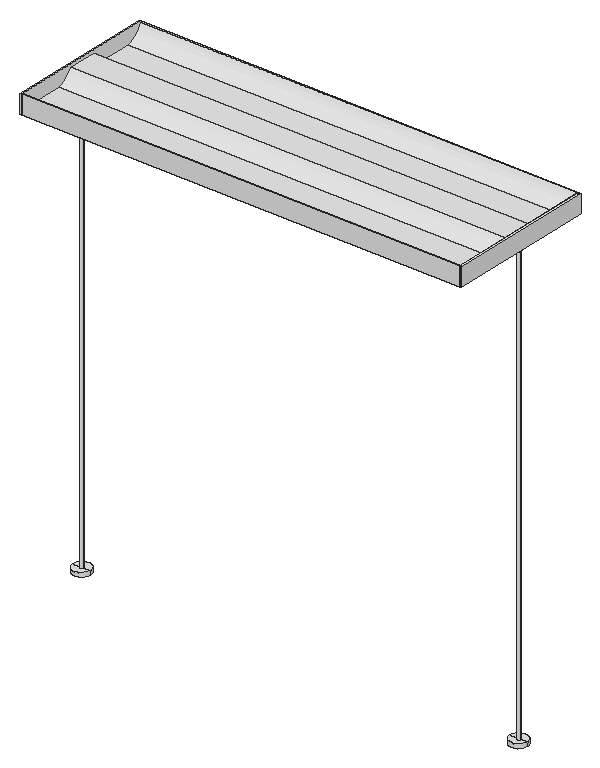
Revit family "LLHV", category Lighting Fixtures, host Face, Revit 2012
Parameters (values of type "LLHV4-50H-NST-EDU")
  Wattage = 236 W
  built-in parameter 1150110 = 1 (stored number, unit not read)
  Voltage = 120 V
  Uplight = "Solid Top"
  built-in parameter 1114217 = 1 (stored number, unit not read)
  Tilt Angle = -90.00°
  built-in parameter 1150109 = 1 (stored number, unit not read)
  built-in parameter 1150134 = 2
  built-in parameter 1150113 = 1 (stored number, unit not read)
  Reflector = "Narrow Distribution"
  Photometric Web File = "LLHV4-50H-NST-EDU.ies"
  Pendant Height [instance] = 1219.2 mm
  Pendant Gap [instance] = Length - 12.7 mm  # 1206.5 mm
  Nominal Watts = 236 W
  built-in parameter 1150105 = 2789.7 (stored number, unit not read)
  Lumens = 35055.9 lm
  built-in parameter 1150115 = 1 (stored number, unit not read)
  Lumen Output = "High Lumen"
  built-in parameter 1150137 = (empty or 0)
  built-in parameter 1150139 = (empty or 0)
  Length = 1219.2 mm
  Wattage Comments = ""
  URL = "http://www.columbialighting.com/"
  Product Page URL = "http://www.columbialighting.com/products/llhv"
  Product Documentation Link = "http://www.columbialighting.com/content/products/specs/specs_files/llhv.pdf"
  Model = "LLHV"  # constant formula
  Manufacturer Phone = "864-678-1000"  # constant formula
  Manufacturer Fax = "(866)-898-1065"  # constant formula
  Manufacturer = "Columbia Lighting"  # constant formula
  built-in parameter 1150112 = 1 (stored number, unit not read)
  built-in parameter 1150114 = 1 (stored number, unit not read)
  Lamp = "LED"
  built-in parameter 1150132 = (empty or 0)
  built-in parameter 1150102 = (empty or 0)
  built-in parameter 1150107 = 5000 (stored number, unit not read)
  built-in parameter 1150138 = (empty or 0)
  built-in parameter 1150106 = 27.897 (stored number, unit not read)
  Glass = White Glass
  Emit from Line Length = 304.8 mm
  built-in parameter 1150104 = 13.8 (stored number, unit not read)
  Driver = "0-10V Dimming"
  Dimming Lamp Color Temperature Shift = <None>
  Description = "VersaBay® LED combines powerful, high light output LED technology with remarkable energy savings for a quick return on investment."  # constant formula
  Default Elevation = 1219.2 mm
  Color Filter = 16777215
  built-in parameter 1114218 = 1 (stored number, unit not read)
  Backbox = White
  built-in parameter 1150133 = 10 (stored number, unit not read)
  Apparent Load = 0 VA
Types (3, lengths in mm): name | Reflector | Photometric Web File | Pendant Height
  (no name) | "Narrow Distribution" | "LLHV4-50H-NST-EDU.ies" | 1219.2
  LLHV4-50H-NST-EDU | "Narrow Distribution" | "LLHV4-50H-NST-EDU.ies" | 1219.2
  LLHV4-50H-WST-EDU | "Wide Distribution" | "LLHV4-50H-WST-EDU.ies" | 914.4
Reference planes
  plane 1 "Center (Front/Back)": y = 330.541
  plane 2: z = 0
  plane 3 "Center (Left/Right)": x = 0
  plane 4: z = 1219.2
  plane 5: x = -609.6
  plane 6: x = 609.6
  plane 7: x = -603.25
  plane 8: x = 603.25
Forms (mm)
  Revolve 1, solid, material "White" <- "Backbox"
    sketch origin (-146.05, 330.541, 0) x (-1, 0, 0) y (0, 0, 1)
      loop
        line (-749.3, 1219.2) -> (-749.3, 0) -> (-725.253, 0) -> (-725.253, 10.839) -> (-744.303, 10.839) -> (-744.303, 1217.967) -> (-742.95, 1217.967) -> (-742.95, 1219.2) -> (-749.3, 1219.2)
      axis (-749.3, 1219.2) -> (-749.3, 0)
    angle from 0 to 360
  Revolve 2, solid, material "White" <- "Backbox"
    sketch origin (406.4, 330.541, 0) x (1, 0, 0) y (0, 0, 1)
      loop
        line (-1009.65, 1219.2) -> (-1009.65, 0) -> (-985.603, 0) -> (-985.603, 10.839) -> (-1004.653, 10.839) -> (-1004.653, 1217.967) -> (-1003.3, 1217.967) -> (-1003.3, 1219.2) -> (-1009.65, 1219.2)
      axis (-1009.65, 1219.2) -> (-1009.65, 0)
    angle from 0 to 360
Dimensions and locks
  "Pendant Height": plane 4 to level
  equal spacing: plane 6, plane 3 "Center (Left/Right)", plane 5
  "Length": plane 6 to plane 5
  locked: Revolve 1 sketch curve to Revolve 1 sketch curve at 1.233
  locked: Revolve 1 sketch curve to Revolve 1 sketch curve at 10.839
  locked: Revolve 1 sketch curve to Revolve 1 sketch curve at 19.05
  locked: Revolve 1 sketch curve to Revolve 1 sketch curve at 1.353
  locked: Revolve 1 sketch curve to Revolve 1 sketch curve at 4.997
  locked: Revolve 2 sketch curve to Revolve 2 sketch curve at 1.233
  locked: Revolve 2 sketch curve to Revolve 2 sketch curve at 10.839
  locked: Revolve 2 sketch curve to Revolve 2 sketch curve at 19.05
  locked: Revolve 2 sketch curve to Revolve 2 sketch curve at 1.353
  locked: Revolve 2 sketch curve to Revolve 2 sketch curve at 4.997
  equal spacing: plane 8, plane 3 "Center (Left/Right)", plane 7
  "Pendant Gap": plane 8 to plane 7
  locked: imposter light to plane 4 at 50
  aligned and locked: plane 2 to host face
  aligned and locked: level to host face
  aligned and locked: Revolve 1 sketch curve to Revolve 1 sketch curve
  aligned and locked: Revolve 2 sketch curve to Revolve 2 sketch curve
  aligned and locked: Revolve 2 sketch curve to plane 7
  aligned and locked: Revolve 1 sketch curve to plane 8
  aligned and locked: Revolve 2 sketch curve to plane 4
  aligned and locked: level to Revolve 2 sketch curve
  aligned and locked: plane 4 to Revolve 1 sketch curve
  aligned and locked: Revolve 1 sketch curve to level
  aligned and locked: imposter light to plane 1 "Center (Front/Back)"
  aligned and locked: plane 3 "Center (Left/Right)" to nested 1
  aligned and locked: nested 1 to plane 5
  aligned and locked: plane 6 to nested 1
  aligned and locked: plane 1 "Center (Front/Back)" to nested 1
Automatic sketch dimensions
  host sketch curve to host sketch curve = 2438.4 mm  (x2)
  Revolve 1 sketch curve to Revolve 1 sketch curve = 69.709 mm
  Revolve 1 sketch curve to Revolve 1 sketch curve = 268.702 mm
  Revolve 2 sketch curve to Revolve 2 sketch curve = 229.459 mm
  Revolve 2 sketch curve to Revolve 2 sketch curve = 293.102 mm
Nested families
  nested 1: "LLHV VersaBay" at (-0.28, 329.525, 1219.2), Glass <- "Glass", Backbox <- "Backbox", Length <- "Length", type "LLHV VersaBay"
    with Length 1219.2 mm, Glass White Glass, Backbox White
Definition of nested family "LLHV VersaBay"
  Parameters (values of type "LLHV VersaBay")
    Wattage Comments = "235W"
    URL = "http://www.columbialighting.com/"
    Product Page URL = "http://www.columbialighting.com/products/lhv"
    Product Documentation Link = "http://www.columbialighting.com/content/products/specs/specs_files/lhv4_4.pdf"
    Model = "LLHV"  # constant formula
    Manufacturer Phone = "864-678-1000"  # constant formula
    Manufacturer Fax = "866-898-1065"  # constant formula
    Manufacturer = "Columbia Lighting"  # constant formula
    Length [instance] = 1219.2 mm
    Lamp = "LED"
    Glass [instance] = Glass
    Description = "VersaBay® luminaires are the new industry standard for fluorescent high bay lighting with Advanced Thermal Management, serviceability, and performance that is unrivaled in the marketplace."  # constant formula
    Default Elevation = 1219.2 mm
    Backbox [instance] = White
    Apparent Load = 0 VA
  Reference planes
    plane 1 "Center (Front/Back)": y = 1.016
    plane 2: z = 0
    plane 3 "Center (Left/Right)": x = 0.28
    plane 4: y = 206.597
    plane 5: y = -204.565
    plane 6: z = 50.8
    plane 7: z = 44.45
    plane 8: x = -609.32
    plane 9: x = 609.88
    plane 10: x = -604.24
    plane 11: x = 604.8
  Forms (mm)
    Extrusion 1, solid
      sketch origin (0, 0, 1.615) x (1, 0, 0) y (0, 1, 0)
        loop
          line (-1219.2, 1219.2) -> (-1219.2, -1219.2) -> (1219.2, -1219.2) -> (1219.2, 1219.2) -> (-1219.2, 1219.2)
      from -1.615 to -325.401
    Extrusion 2, solid, material "White" <- "Backbox"
      sketch origin (604.8, -4572, 748.526) x (0, 0, 1) y (0, -1, 0)
        loop
          line (-748.526, -4367.435) -> (-748.526, -4778.597) -> (-697.726, -4778.597) -> (-697.726, -4367.435) -> (-748.526, -4367.435)
      from 0 to 5.08
    Extrusion 3, solid, material "White" <- "Backbox"
      sketch origin (-604.24, -4572, 732.824) x (0, 0, 1) y (0, -1, 0)
        loop
          line (-732.824, -4367.435) -> (-732.824, -4778.597) -> (-682.024, -4778.597) -> (-682.024, -4367.435) -> (-732.824, -4367.435)
      from 0 to -5.08
    Extrusion 4, solid, material "Glass" <- "Glass"
      sketch origin (-604.24, 206.597, 50.8) x (0, -1, 0) y (1, 0, 0)
        loop
          line (2.361, 0) -> (408.801, 0) -> (408.801, 1209.04) -> (2.361, 1209.04) -> (2.361, 0)
      from 0 to -6.35
    Extrusion 5, solid, material "White" <- "Backbox"
      sketch origin (0.28, 0, 0) x (0, 1, 0) y (0, 0, 1)
        loop
          line (-204.565, 0) -> (206.597, 0) -> (206.597, 50.8) -> (204.236, 50.8)
          arc (204.236, 50.8) -> (186.859, 26.959) -> (160.925, 12.896) r 66.976
          line (160.925, 12.896) -> (79.274, 12.896)
          arc (79.274, 12.896) -> (57.103, 25.434) -> (40.157, 44.45) r 77.948
          line (40.157, 44.45) -> (-38.126, 44.45)
          arc (-38.126, 44.45) -> (-55.071, 25.434) -> (-77.243, 12.896) r 77.948
          line (-77.243, 12.896) -> (-158.894, 12.896)
          arc (-158.894, 12.896) -> (-184.828, 26.959) -> (-202.204, 50.8) r 66.976
          line (-202.204, 50.8) -> (-204.565, 50.8) -> (-204.565, 0)
      from -604.52 to 604.52
  Cuts and joins
    joined: Extrusion 2, Extrusion 3
  Dimensions and locks
    locked: plane 4 to plane 1 "Center (Front/Back)" at 205.581
    locked: plane 5 to plane 1 "Center (Front/Back)" at 205.581
    locked: plane 6 to Extrusion 1 at 50.8
    plane 4 to plane 5 = 411.162 mm
    locked: plane 6 to plane 7 at 6.35
    "Length": plane 9 to plane 8
    locked: plane 10 to plane 8 at 5.08
    locked: plane 9 to plane 11 at 5.08
    equal spacing: plane 9, plane 3 "Center (Left/Right)", plane 8
    aligned and locked: plane 2 to Extrusion 1
    aligned and locked: Extrusion 3 to level
    aligned and locked: Extrusion 2 to level
    aligned and locked: plane 5 to Extrusion 3
    aligned and locked: plane 4 to Extrusion 3
    aligned and locked: plane 9 to cut or joined group of Extrusion 2, Extrusion 3
    aligned and locked: cut or joined group of Extrusion 2, Extrusion 3 to plane 8
    aligned and locked: Extrusion 5 to plane 10
    aligned and locked: plane 11 to Extrusion 5
    aligned and locked: Extrusion 2 sketch curve to plane 6
    aligned and locked: Extrusion 3 sketch curve to plane 6
  Automatic sketch dimensions
    Extrusion 1 sketch curve to Extrusion 1 sketch curve = 2438.4 mm  (x2)
    level to Extrusion 2 sketch curve = 0 mm
    Extrusion 2 sketch curve to plane 5 = 0 mm
    Extrusion 2 sketch curve to plane 4 = 0 mm
    Extrusion 5 sketch curve to plane 5 = 0 mm
    Extrusion 5 sketch curve to plane 4 = 0 mm
    Extrusion 5 sketch curve to Extrusion 5 sketch curve = 2.361 mm
    Extrusion 5 sketch curve to Extrusion 5 sketch curve = 36.709 mm  (x2)
    plane 1 "Center (Front/Back)" to Extrusion 5 sketch curve = 39.142 mm
    Extrusion 5 sketch curve to plane 1 "Center (Front/Back)" = 39.142 mm
    Extrusion 5 sketch curve to Extrusion 5 sketch curve = 39.117 mm
    Extrusion 5 sketch curve to plane 4 = 2.361 mm
    Extrusion 5 sketch curve to Extrusion 5 sketch curve = 12.896 mm  (x2)
    Extrusion 5 sketch curve to Extrusion 5 sketch curve = 50.8 mm  (x2)
    Extrusion 3 sketch curve to level = 0 mm
    Extrusion 3 sketch curve to plane 5 = 0 mm
    Extrusion 3 sketch curve to plane 4 = 0 mm
    Extrusion 4 sketch curve to plane 10 = 0 mm
    Extrusion 4 sketch curve to plane 4 = 2.361 mm
    Extrusion 4 sketch curve to plane 5 = 2.361 mm
    Extrusion 4 sketch curve to plane 11 = 0 mm
    plane 6 to Extrusion 5 sketch curve = 35.304 mm
    Extrusion 5 sketch curve to Extrusion 5 sketch curve = 81.651 mm  (x2)
    Extrusion 5 sketch curve to plane 7 = 0 mm
    Extrusion 5 sketch curve to plane 5 = 45.672 mm
    plane 6 to Extrusion 5 sketch curve = 26.559 mm
    level to Extrusion 5 sketch curve = 12.896 mm
